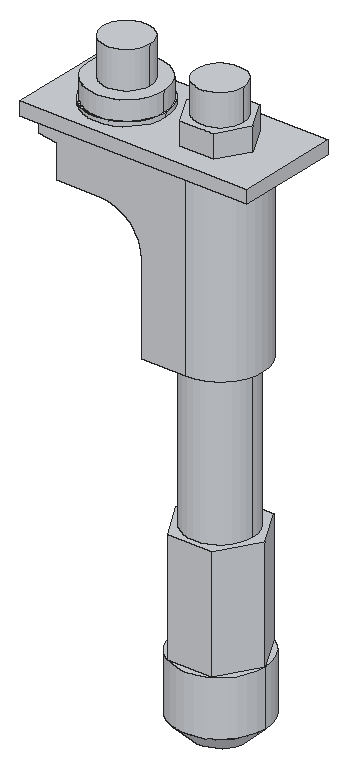
Revit family
Parameters
  Model = "MHY-10"
  Manufacturer = "MIFAB"
  Description = "NON-FREEZE EXPOSED WALL HYDRANT WITH SELF DRAINING VACUUM BREAKER"
Reference planes (in)
  plane 1 "Center (Front/Back)": y = 0
  plane 2: z = 0
  plane 3: x = 0
Forms (in)
  Extrusion 1, solid
    sketch origin (0, 0, 0) x (1, 0, 0) y (0, 1, 0)
      loop
        circle (1.38, 0) r 0.625
    from 2.14124 to 5.00388
  Revolve 2, solid
    sketch origin (0.01417, 0, -0.64759) x (1, 0, 0) y (0, 0, 1)
      loop
        line (1.38, 0.66759) -> (1.38, -0.72241) -> (1.87919, -0.72241) -> (2.22347, -0.37814) -> (2.22347, 0.66759) -> (1.38, 0.66759)
      axis (1.38, -0.72241) -> (1.38, 0.66759)
    angle from 0 to 360
  Extrusion 3, solid
    sketch origin (0, 0, -7.63726) x (1, 0, 0) y (0, 1, 0)
      loop
        line (-1.62512, 0.95206) -> (-1.62512, -0.95974) -> (2.64683, -0.95974) -> (2.64683, 0.95206) -> (-1.62512, 0.95206)
    from 16.05714 to 16.30514
  Extrusion 4, solid
    sketch origin (0, 0, -7.63726) x (1, 0, 0) y (0, 1, 0)
      loop
        arc (1.38, -0.8125) -> (2.1925, 0) -> (1.38, 0.8125) r 0.8125
        line (1.38, 0.8125) -> (1.38, -0.8125)
    from 12.64114 to 16.05714
  Extrusion 5, solid
    sketch origin (0, 0, -7.63726) x (1, 0, 0) y (0, 0, 1)
      loop
        line (-1.398, 16.05714) -> (-1.398, 15.78114) -> (-1.055, 15.73814) -> (-1.055, 15.10401) -> (-0.24047, 15.10401)
        arc (-0.24047, 15.10401) -> (0.31997, 14.87187) -> (0.55211, 14.31143) r 0.79258
        line (0.55211, 14.31143) -> (0.55211, 12.64114) -> (1.38, 12.64114) -> (1.38, 16.05714) -> (-1.398, 16.05714)
    from -0.8125 to 0.8125
  Extrusion 6, solid
    sketch origin (0, 0, -7.63726) x (1, 0, 0) y (0, 1, 0)
      loop
        line (0.97306, 0.72939) -> (0.55195, 0) -> (0.97306, -0.72939) -> (1.81529, -0.72939) -> (2.2364, 0) -> (1.81529, 0.72939) -> (0.97306, 0.72939)
    from 7.65726 to 9.77849
  Extrusion 7, solid
    sketch origin (0, 0, -7.63726) x (1, 0, 0) y (0, 1, 0)
      loop
        circle (-0.38412, 0) r 0.739
    from 16.30514 to 16.37894
  Extrusion 8, solid
    sketch origin (0, 0, -7.63726) x (1, 0, 0) y (0, 1, 0)
      loop
        circle (-0.38412, 0) r 0.70723
    from 16.37894 to 16.74094
  Extrusion 9, solid
    sketch origin (0, 0, -7.63726) x (1, 0, 0) y (0, 1, 0)
      loop
        circle (-0.38412, 0) r 0.444
    from 16.74094 to 17.43692
  Extrusion 10, solid
    sketch origin (0, 0, -7.63726) x (1, 0, 0) y (0, 1, 0)
      loop
        line (0.7505, 0) -> (1.06525, -0.54516) -> (1.69475, -0.54516) -> (2.0095, 0) -> (1.69475, 0.54516) -> (1.06525, 0.54516) -> (0.7505, 0)
    from 16.30514 to 16.74065
  Extrusion 11, solid
    sketch origin (1.76412, 0, -7.63726) x (1, 0, 0) y (0, 1, 0)
      loop
        circle (-0.38412, 0) r 0.444
    from 16.74094 to 17.3299
Cuts and joins
  joined: Extrusion 4, Extrusion 5
